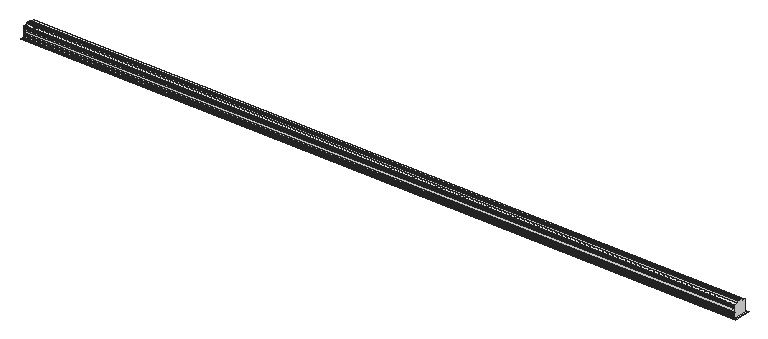
Revit family "STH20992BR_27_40_STH20992PTO_27", category Luminárias, Revit 2023
Family settings
  Hospedeiro = Forro
  Cota do conector redondo = Utilizar diâmetro
  Tipo de parte = Normal
  Número OmniClass = 23.80.70.11
  Título OmniClass = Luminaries for Internal Lighting
  Sempre na vertical = Sim
  Corte com vazios quando carregada = Não
  Fonte luminosa = Não
  Manter orientação da anotação = Não
  Compartilhado = Não
  Ponto de cálculo do ambiente = Não
Parameters (values of type "STH20992BR/27 - BRANCO - 2m - 2700K - 2000lm - 100°")
  Ângulo de Abertura = "100°"
  URL = "https://stella.com.br/"
  Tensão Elétrica = "24V"
  Temperatura da cor (K) = 2700 K
  Referência = "STH20992BR/27 - BRANCO - 2m"
  Potência = 46 W
  Modelo = "Archi"
  Luminoso = Luminoso - 2700K
  Largura = 0.046 m
  IRC (Índice de reprodução de cores) = ">93 (R9 >60)"
  Grau de proteção (IP) = "IP20"
  Fluxo Luminoso STH20992PTO/27 = no
  Fluxo Luminoso STH20992BR/40 = no
  Fluxo Luminoso STH20992BR/27 = yes
  Fluxo Luminoso = 2000 lm
  Fabricante = "Stella"
  Estrutura = Al - Branco
  Elevação padrão = 0.00 m
  Dimerização = "Não dimerizável"
  Comprimento = 2.018 m
  Altura = 0.036 m
Types (4, lengths in m): name | Temperatura da cor (K) | Referência | Potência | Luminoso | Fluxo Luminoso STH20992PTO/27 | Fluxo Luminoso STH20992BR/40 | Fluxo Luminoso STH20992BR/27 | Fluxo Luminoso | Estrutura
  (no name) | 2700 K | "STH20992BR/27 - BRANCO - 2m" | 46 W | Luminoso - 2700K | no | no | yes | 2000 lm | Al - Branco
  STH20992BR/27 - BRANCO - 2m - 2700K - 2000lm - 100° | 2700 K | "STH20992BR/27 - BRANCO - 2m" | 46 W | Luminoso - 2700K | no | no | yes | 2000 lm | Al - Branco
  STH20992BR/40 - BRANCO - 2m - 4000K - 2000lm - 100° | 4000 K | "STH20992BR/40 - BRANCO - 2m" | 46 W | Luminoso - 4000K | no | yes | no | 2000 lm | Al - Branco
  STH20992PTO/27 - PRETO - 2m - 2700K - 1500lm - 90° | 2700 K | "STH20992PTO/27 - PRETO - 2m" | 56 W | Luminoso - 2700K | yes | no | no | 1500 lm | Al - Preto
Reference planes (m)
  plane 1 "Eixo de origem da luz (F/T)": y = 0
  plane 2 "Forro": z = 2.4384
  plane 3 "Eixo de origem da luz (E/D)": x = 0
  plane 4 "Elevação da origem da luz": z = 2.43398
  plane 5: y = 0.023
  plane 6: y = -0.023
  plane 7: x = -1.009
  plane 8: x = 1.009
  plane 9 "Inferior": z = 2.4374
  plane 10 "Superior": z = 2.4734
  plane 11 "Base": z = 2.4384
  plane 12 "Conector": z = 2.4682
Forms (m)
  Extrusion 1, solid, material "Al - Branco" <- "Estrutura"
    sketch origin (0, 0.05, 0) x (0, 1, 0) y (0, 0, 1)
      loop
        line (-0.03305, 2.4384) -> (-0.03305, 2.4706) -> (-0.0434, 2.4706) -> (-0.0434, 2.47425) -> (-0.0566, 2.47425) -> (-0.0566, 2.4706) -> (-0.06695, 2.4706) -> (-0.06695, 2.4384) -> (-0.03305, 2.4384)
    from 1.0025 to 1.004
  Extrusion 2, solid, material "Al - Branco" <- "Estrutura"
    sketch origin (0, 0.05, 0) x (0, 1, 0) y (0, 0, -1)
      loop
        line (-0.03305, -2.4384) -> (-0.06695, -2.4384) -> (-0.06695, -2.4706) -> (-0.0566, -2.4706) -> (-0.0566, -2.47425) -> (-0.0434, -2.47425) -> (-0.0434, -2.4706) -> (-0.03305, -2.4706) -> (-0.03305, -2.4384)
    from 1.0025 to 1.004
  Extrusion 3, solid, material "Al - Branco" <- "Estrutura"
    sketch origin (0, -0.000002, 2.43398) x (0, -1, 0) y (1, 0, 0)
      loop
        line (-0.022652, -1.0096) -> (0.022648, -1.0096) -> (0.022648, 1.0096) -> (-0.022652, 1.0096) -> (-0.022652, -1.0096)
      loop
        line (0.015548, 1.0025) -> (-0.015552, 1.0025) -> (-0.015552, -1.0025) -> (0.015548, -1.0025) -> (0.015548, 1.0025)
    from 0.00342 to 0.00442
  Extrusion 4, void
    sketch origin (0, 0.05, 2.43398) x (0, -1, 0) y (1, 0, 0)
      loop
        line (0.02735, -1.0096) -> (0.07265, -1.0096) -> (0.07265, 1.0096) -> (0.02735, 1.0096) -> (0.02735, -1.0096)
    from 0.00342 to 0.04027
  Extrusion 5, solid, material "Al - Branco" <- "Estrutura"
    sketch origin (0, 0, 0) x (0, 1, 0) y (0, 0, 1)
      loop
        line (-0.01555, 2.4384) -> (-0.01555, 2.446706)
        arc (-0.01555, 2.446706) -> (-0.015385, 2.447105) -> (-0.014985, 2.447271) r 0.000565
        arc (-0.014985, 2.447271) -> (-0.014557, 2.447362) -> (-0.014202, 2.447619) r 0.001053
        arc (-0.014202, 2.447619) -> (-0.014037, 2.448117) -> (-0.014202, 2.448615) r 0.000834
        arc (-0.014202, 2.448615) -> (-0.014536, 2.449093) -> (-0.014687, 2.449655) r 0.001689
        arc (-0.014687, 2.449655) -> (-0.014536, 2.45032) -> (-0.014162, 2.450891) r 0.001917
        arc (-0.014162, 2.450891) -> (-0.01374, 2.451154) -> (-0.013243, 2.451187) r 0.001024
        spline (-0.013243, 2.451187) -> (-0.013173, 2.451182) -> (-0.013105, 2.451221) -> (-0.013044, 2.451304) -> (-0.012994, 2.451422) -> (-0.012961, 2.451568) -> (-0.012945, 2.45173) -> (-0.012949, 2.451895) -> (-0.012971, 2.452053) -> (-0.013011, 2.452189) -> (-0.013065, 2.452295) -> (-0.01313, 2.452362) -> (-0.013199, 2.452384)
        arc (-0.013199, 2.452384) -> (-0.013632, 2.452366) -> (-0.01405, 2.452255) r 0.002001
        arc (-0.01405, 2.452255) -> (-0.014656, 2.452565) -> (-0.0149, 2.4532) r 0.00095
        arc (-0.0149, 2.4532) -> (-0.014441, 2.454013) -> (-0.013507, 2.454041) r 0.00095
        arc (-0.013507, 2.454041) -> (-0.012967, 2.454208) -> (-0.013135, 2.454749) r 0.0004
        arc (-0.013135, 2.454749) -> (-0.013614, 2.454917) -> (-0.014121, 2.454942) r 0.00175
        line (-0.014121, 2.454942) -> (-0.01545, 2.454942) -> (-0.01545, 2.4682) -> (0.01545, 2.4682) -> (0.01545, 2.454942) -> (0.014121, 2.454942)
        arc (0.014121, 2.454942) -> (0.013614, 2.454917) -> (0.013135, 2.454749) r 0.00175
        arc (0.013135, 2.454749) -> (0.012967, 2.454208) -> (0.013507, 2.454041) r 0.0004
        arc (0.013507, 2.454041) -> (0.014441, 2.454013) -> (0.0149, 2.4532) r 0.00095
        arc (0.0149, 2.4532) -> (0.014656, 2.452565) -> (0.01405, 2.452255) r 0.00095
        arc (0.01405, 2.452255) -> (0.013624, 2.452367) -> (0.013184, 2.452383) r 0.002001
        spline (0.013184, 2.452383) -> (0.01312, 2.452355) -> (0.013061, 2.452288) -> (0.013011, 2.452189) -> (0.012973, 2.452062) -> (0.012951, 2.451917) -> (0.012944, 2.451764) -> (0.012954, 2.451611) -> (0.012981, 2.45147) -> (0.013022, 2.451349) -> (0.013074, 2.451256) -> (0.013135, 2.451198) -> (0.013199, 2.451178)
        arc (0.013199, 2.451178) -> (0.013719, 2.451161) -> (0.014162, 2.450891) r 0.001024
        arc (0.014162, 2.450891) -> (0.014536, 2.45032) -> (0.014687, 2.449655) r 0.001917
        arc (0.014687, 2.449655) -> (0.014536, 2.449093) -> (0.014202, 2.448615) r 0.001689
        arc (0.014202, 2.448615) -> (0.014037, 2.448117) -> (0.014202, 2.447619) r 0.000834
        arc (0.014202, 2.447619) -> (0.014557, 2.447362) -> (0.014985, 2.447271) r 0.001053
        arc (0.014985, 2.447271) -> (0.015385, 2.447105) -> (0.01555, 2.446706) r 0.000565
        line (0.01555, 2.446706) -> (0.01555, 2.4384) -> (0.01695, 2.4384) -> (0.01695, 2.4706) -> (0.0066, 2.4706) -> (0.0066, 2.47425) -> (0.003354, 2.47425) -> (0.002601, 2.47355) -> (0.002601, 2.47275) -> (0.00525, 2.47275) -> (0.00525, 2.47045) -> (-0.00525, 2.47045) -> (-0.00525, 2.47275) -> (-0.002601, 2.47275) -> (-0.002601, 2.47355) -> (-0.003354, 2.47425) -> (-0.0066, 2.47425) -> (-0.0066, 2.4706) -> (-0.01695, 2.4706) -> (-0.01695, 2.4384) -> (-0.01555, 2.4384)
    from -1.0025 to 1.0025
  Extrusion 6, void
    sketch origin (0, 0, 0) x (0, 1, 0) y (0, 0, 1)
      loop
        line (-0.01655, 2.440961) -> (-0.01655, 2.444839) -> (-0.017286, 2.445151) -> (-0.017286, 2.440649) -> (-0.01655, 2.440961)
      loop
        line (-0.016188, 2.452162) -> (-0.017286, 2.452456) -> (-0.017286, 2.447971) -> (-0.016188, 2.448265) -> (-0.016188, 2.452162)
      loop
        line (-0.01655, 2.462466) -> (-0.017286, 2.46281) -> (-0.017286, 2.459245) -> (-0.01655, 2.459588) -> (-0.01655, 2.462466)
      loop
        line (-0.01655, 2.465229) -> (-0.01655, 2.468107) -> (-0.017286, 2.468451) -> (-0.017286, 2.464886) -> (-0.01655, 2.465229)
      loop
        line (0.01655, 2.440961) -> (0.017286, 2.440649) -> (0.017286, 2.445151) -> (0.01655, 2.444839) -> (0.01655, 2.440961)
      loop
        line (0.016188, 2.452162) -> (0.016188, 2.448265) -> (0.017286, 2.447971) -> (0.017286, 2.452456) -> (0.016188, 2.452162)
      loop
        line (0.01655, 2.462466) -> (0.01655, 2.459588) -> (0.017286, 2.459245) -> (0.017286, 2.46281) -> (0.01655, 2.462466)
      loop
        line (0.01655, 2.465229) -> (0.017286, 2.464886) -> (0.017286, 2.468451) -> (0.01655, 2.468107) -> (0.01655, 2.465229)
    from -1.004 to 1.004
  Extrusion 7, solid, material "Luminoso - 2700K" <- "Luminoso"
    sketch origin (0, 0, 0) x (0, 1, 0) y (0, 0, 1)
      loop
        line (-0.0139, 2.448213) -> (-0.0139, 2.44713) -> (-0.015129, 2.44713)
        spline (-0.015129, 2.44713) -> (-0.015202, 2.447113) -> (-0.015271, 2.447063) -> (-0.015329, 2.446984) -> (-0.015374, 2.44688) -> (-0.015402, 2.44676) -> (-0.015412, 2.44663) -> (-0.015402, 2.446501) -> (-0.015374, 2.44638) -> (-0.015329, 2.446277) -> (-0.015271, 2.446197) -> (-0.015202, 2.446147) -> (-0.015129, 2.44613)
        line (-0.015129, 2.44613) -> (0.015126, 2.44613)
        spline (0.015126, 2.44613) -> (0.015199, 2.446147) -> (0.015267, 2.446197) -> (0.015326, 2.446277) -> (0.015371, 2.44638) -> (0.015399, 2.446501) -> (0.015408, 2.44663) -> (0.015399, 2.44676) -> (0.015371, 2.44688) -> (0.015326, 2.446984) -> (0.015267, 2.447063) -> (0.015199, 2.447113) -> (0.015126, 2.44713)
        line (0.015126, 2.44713) -> (0.013897, 2.44713) -> (0.013897, 2.448213)
        arc (0.013897, 2.448213) -> (0.014001, 2.448626) -> (0.014288, 2.448942) r 0.000875
        arc (0.014288, 2.448942) -> (0.014472, 2.449304) -> (0.014536, 2.449705) r 0.0013
        arc (0.014536, 2.449705) -> (0.014383, 2.450332) -> (0.013987, 2.450842) r 0.001541
        arc (0.013987, 2.450842) -> (0.013284, 2.450914) -> (0.013212, 2.450211) r 0.0005
        spline (0.013212, 2.450211) -> (0.013394, 2.450011) -> (0.013499, 2.449857) -> (0.01354, 2.449735) -> (0.013533, 2.449633) -> (0.013491, 2.449546) -> (0.013428, 2.449467) -> (0.013353, 2.449391) -> (0.013264, 2.449309) -> (0.013153, 2.44921) -> (0.013022, 2.449089) -> (0.012914, 2.448958) -> (0.012897, 2.448837)
        line (0.012897, 2.448837) -> (0.012897, 2.44713) -> (-0.0129, 2.44713) -> (-0.0129, 2.448837)
        spline (-0.0129, 2.448837) -> (-0.012918, 2.448958) -> (-0.013025, 2.449089) -> (-0.013157, 2.44921) -> (-0.013267, 2.449309) -> (-0.013357, 2.449391) -> (-0.013432, 2.449467) -> (-0.013494, 2.449546) -> (-0.013536, 2.449633) -> (-0.013544, 2.449735) -> (-0.013502, 2.449857) -> (-0.013398, 2.450011) -> (-0.013215, 2.450211)
        arc (-0.013215, 2.450211) -> (-0.013287, 2.450914) -> (-0.013991, 2.450842) r 0.0005
        arc (-0.013991, 2.450842) -> (-0.014387, 2.450332) -> (-0.014539, 2.449705) r 0.001541
        arc (-0.014539, 2.449705) -> (-0.014476, 2.449304) -> (-0.014291, 2.448942) r 0.0013
        arc (-0.014291, 2.448942) -> (-0.014004, 2.448626) -> (-0.0139, 2.448213) r 0.000875
    from -1.0025 to 1.0025
Cuts and joins
  Extrusion 6 cuts Extrusion 1
  Extrusion 6 cuts Extrusion 2
  Extrusion 6 cuts Extrusion 3
  joined: Extrusion 1, Extrusion 2, Extrusion 3
  Extrusion 6 cuts Extrusion 5
Dimensions and locks (m)
  equal spacing: host sketch curve, plane 3 "Eixo de origem da luz (E/D)", host sketch curve
  equal spacing: host sketch curve, plane 1 "Eixo de origem da luz (F/T)", host sketch curve
  host sketch curve to host sketch curve = 2.028 m
  host sketch curve to host sketch curve = 0.056 m
  "Altura": plane 10 "Superior" to plane 9 "Inferior"
  "Comprimento": plane 7 to plane 8
  "Largura": plane 5 to plane 6
  aligned and locked: host ceiling to Extrusion 3
  aligned and locked: Extrusion 3 to plane 9 "Inferior"
  aligned and locked: Extrusion 1 to Extrusion 3
  aligned and locked: Extrusion 3 to Extrusion 2
Automatic sketch dimensions
  Extrusion 5 sketch curve to Extrusion 5 sketch curve = 0.00 m  (x19)
  Extrusion 5 sketch curve to plane 2 "Forro" = 0.00 m  (x2)
  Extrusion 5 sketch curve to plane 10 "Superior" = 0.0028 m  (x2)
  plane 1 "Eixo de origem da luz (F/T)" to Extrusion 5 sketch curve = 0.01695 m
  Extrusion 5 sketch curve to Extrusion 5 sketch curve = 0.0014 m
  Extrusion 5 sketch curve to Extrusion 5 sketch curve = 0.0001 m  (x2)
  Extrusion 5 sketch curve to Extrusion 5 sketch curve = 0.000565 m
  Extrusion 5 sketch curve to Extrusion 5 sketch curve = 0.000114 m  (x2)
  Extrusion 5 sketch curve to Extrusion 5 sketch curve = 0.001329 m
  Extrusion 5 sketch curve to Extrusion 5 sketch curve = 0.000171 m
  Extrusion 5 sketch curve to Extrusion 5 sketch curve = 0.00156 m
  Extrusion 5 sketch curve to Extrusion 5 sketch curve = 0.000094 m  (x2)
  Extrusion 5 sketch curve to Extrusion 5 sketch curve = 0.0008 m  (x2)
  Extrusion 5 sketch curve to Extrusion 5 sketch curve = 0.000421 m
  Extrusion 5 sketch curve to Extrusion 5 sketch curve = 0.000233 m  (x2)
  plane 1 "Eixo de origem da luz (F/T)" to Extrusion 5 sketch curve = 0.0066 m
  Extrusion 5 sketch curve to Extrusion 5 sketch curve = 0.00135 m  (x2)
  plane 10 "Superior" to Extrusion 5 sketch curve = 0.00085 m  (x2)
  Extrusion 5 sketch curve to Extrusion 5 sketch curve = 0.001896 m  (x2)
  plane 10 "Superior" to Extrusion 5 sketch curve = 0.00015 m  (x2)
  Extrusion 5 sketch curve to Extrusion 5 sketch curve = 0.000754 m  (x2)
  Extrusion 5 sketch curve to plane 10 "Superior" = 0.00065 m  (x2)
  Extrusion 5 sketch curve to Extrusion 5 sketch curve = 0.005201 m
  Extrusion 5 sketch curve to plane 5 = 0.010229 m
  Extrusion 5 sketch curve to plane 5 = 0.009679 m
  Extrusion 5 sketch curve to Extrusion 5 sketch curve = 0.000327 m
  Extrusion 5 sketch curve to Extrusion 5 sketch curve = 0.000629 m
  Extrusion 5 sketch curve to plane 5 = 0.008129 m
  Extrusion 5 sketch curve to plane 5 = 0.00755 m
  Extrusion 5 sketch curve to plane 5 = 0.00745 m
  Extrusion 5 sketch curve to plane 5 = 0.00605 m
  plane 2 "Forro" to Extrusion 5 sketch curve = 0.008306 m  (x2)
  Extrusion 5 sketch curve to Extrusion 5 sketch curve = 0.000847 m  (x2)
  Extrusion 5 sketch curve to Extrusion 5 sketch curve = 0.000207 m  (x2)
  Extrusion 5 sketch curve to Extrusion 5 sketch curve = 0.001247 m  (x2)
  Extrusion 5 sketch curve to Extrusion 5 sketch curve = 0.000236 m  (x2)
  Extrusion 5 sketch curve to Extrusion 5 sketch curve = 0.000373 m  (x2)
  Extrusion 5 sketch curve to Extrusion 5 sketch curve = 0.000208 m  (x2)
  Extrusion 5 sketch curve to Extrusion 5 sketch curve = 0.002812 m  (x2)
  Extrusion 5 sketch curve to Extrusion 5 sketch curve = 0.001195 m  (x2)
  Extrusion 5 sketch curve to Extrusion 5 sketch curve = 0.000547 m
  Extrusion 5 sketch curve to Extrusion 5 sketch curve = 0.001742 m
  Extrusion 5 sketch curve to plane 10 "Superior" = 0.0052 m
  Extrusion 5 sketch curve to Extrusion 5 sketch curve = 0.0023 m
  Extrusion 5 sketch curve to Extrusion 5 sketch curve = 0.00095 m
  Extrusion 5 sketch curve to Extrusion 5 sketch curve = 0.000298 m
  Extrusion 5 sketch curve to Extrusion 5 sketch curve = 0.000668 m  (x4)
  Extrusion 5 sketch curve to Extrusion 5 sketch curve = 0.000831 m  (x2)
  Extrusion 5 sketch curve to Extrusion 5 sketch curve = 0.000088 m
  Extrusion 5 sketch curve to Extrusion 5 sketch curve = 0.00085 m  (x2)
  Extrusion 5 sketch curve to Extrusion 5 sketch curve = 0.000766 m
  Extrusion 5 sketch curve to Extrusion 5 sketch curve = 0.000015 m
  Extrusion 5 sketch curve to Extrusion 5 sketch curve = 0.000485 m
  Extrusion 5 sketch curve to Extrusion 5 sketch curve = 0.000602 m
  Extrusion 5 sketch curve to Extrusion 5 sketch curve = 0.000594 m
  plane 1 "Eixo de origem da luz (F/T)" to Extrusion 6 sketch curve = 0.017286 m  (x4)
  plane 1 "Eixo de origem da luz (F/T)" to Extrusion 6 sketch curve = 0.01655 m  (x3)
  plane 1 "Eixo de origem da luz (F/T)" to Extrusion 6 sketch curve = 0.016188 m
  Extrusion 6 sketch curve to plane 5 = 0.006812 m
  plane 2 "Forro" to Extrusion 6 sketch curve = 0.002561 m  (x2)
  Extrusion 6 sketch curve to Extrusion 6 sketch curve = 0.000362 m
  Extrusion 6 sketch curve to plane 5 = 0.00645 m
  Extrusion 6 sketch curve to Extrusion 6 sketch curve = 0.00 m
  Extrusion 6 sketch curve to Extrusion 6 sketch curve = 0.001099 m
  Extrusion 6 sketch curve to Extrusion 6 sketch curve = 0.000736 m  (x3)
  Extrusion 6 sketch curve to plane 10 "Superior" = 0.004949 m
  Extrusion 6 sketch curve to Extrusion 6 sketch curve = 0.000313 m  (x4)
  Extrusion 6 sketch curve to Extrusion 6 sketch curve = 0.003877 m  (x2)
  Extrusion 6 sketch curve to Extrusion 6 sketch curve = 0.00282 m  (x2)
  Extrusion 6 sketch curve to Extrusion 6 sketch curve = 0.000294 m  (x4)
  Extrusion 6 sketch curve to Extrusion 6 sketch curve = 0.003896 m  (x2)
  Extrusion 6 sketch curve to Extrusion 6 sketch curve = 0.006789 m  (x2)
  Extrusion 6 sketch curve to Extrusion 6 sketch curve = 0.000343 m  (x8)
  Extrusion 6 sketch curve to Extrusion 6 sketch curve = 0.002878 m  (x3)
  Extrusion 6 sketch curve to Extrusion 6 sketch curve = 0.002076 m  (x2)
  plane 6 to Extrusion 7 sketch curve = 0.007871 m
  Extrusion 7 sketch curve to Extrusion 7 sketch curve = 0.000354 m  (x2)
  Extrusion 7 sketch curve to Extrusion 7 sketch curve = 0.001229 m
  Extrusion 7 sketch curve to Extrusion 7 sketch curve = 0.000297 m
  Extrusion 7 sketch curve to Extrusion 7 sketch curve = 0.000363 m
  Extrusion 7 sketch curve to Extrusion 7 sketch curve = 0.000388 m  (x3)
  Extrusion 7 sketch curve to Extrusion 7 sketch curve = 0.000241 m  (x2)
  Extrusion 7 sketch curve to Extrusion 7 sketch curve = 0.001 m  (x4)
  Extrusion 7 sketch curve to plane 5 = 0.010103 m
  Extrusion 7 sketch curve to Extrusion 7 sketch curve = 0.000098 m
  Extrusion 7 sketch curve to Extrusion 7 sketch curve = 0.000216 m
  Extrusion 7 sketch curve to Extrusion 7 sketch curve = 0.000875 m
  plane 2 "Forro" to Extrusion 7 sketch curve = 0.00773 m
  Extrusion 7 sketch curve to Extrusion 7 sketch curve = 0.00 m
  Extrusion 7 sketch curve to Extrusion 7 sketch curve = 0.001082 m  (x2)
  Extrusion 7 sketch curve to Extrusion 7 sketch curve = 0.000624 m  (x2)
  Extrusion 7 sketch curve to Extrusion 7 sketch curve = 0.000825 m  (x2)
  Extrusion 7 sketch curve to Extrusion 7 sketch curve = 0.000043 m  (x2)
  Extrusion 7 sketch curve to Extrusion 7 sketch curve = 0.000505 m  (x2)
  Extrusion 7 sketch curve to Extrusion 7 sketch curve = 0.000316 m  (x2)
  Extrusion 7 sketch curve to Extrusion 7 sketch curve = 0.000937 m
  Extrusion 1 sketch curve to plane 2 "Forro" = 0.00 m
  plane 6 to Extrusion 1 sketch curve = 0.00605 m
  Extrusion 1 sketch curve to plane 10 "Superior" = 0.0028 m  (x2)
  plane 1 "Eixo de origem da luz (F/T)" to Extrusion 1 sketch curve = 0.0066 m
  plane 10 "Superior" to Extrusion 1 sketch curve = 0.00085 m
  Extrusion 1 sketch curve to plane 1 "Eixo de origem da luz (F/T)" = 0.0066 m
  Extrusion 1 sketch curve to plane 5 = 0.00605 m
  Extrusion 2 sketch curve to plane 2 "Forro" = 0.00 m
  Extrusion 2 sketch curve to plane 10 "Superior" = 0.0028 m  (x2)
  plane 6 to Extrusion 2 sketch curve = 0.00605 m
  plane 10 "Superior" to Extrusion 2 sketch curve = 0.00085 m
  plane 1 "Eixo de origem da luz (F/T)" to Extrusion 2 sketch curve = 0.0066 m
  Extrusion 2 sketch curve to plane 1 "Eixo de origem da luz (F/T)" = 0.0066 m
  Extrusion 2 sketch curve to plane 5 = 0.00605 m
  Extrusion 3 sketch curve to plane 5 = 0.00035 m
  Extrusion 3 sketch curve to plane 5 = 0.00745 m
  plane 6 to Extrusion 3 sketch curve = 0.00745 m
  plane 6 to Extrusion 3 sketch curve = 0.00035 m
  Extrusion 3 sketch curve to plane 7 = 0.0006 m
  plane 7 to Extrusion 3 sketch curve = 0.0065 m
  Extrusion 3 sketch curve to plane 8 = 0.0065 m
  plane 8 to Extrusion 3 sketch curve = 0.0006 m
  Extrusion 4 sketch curve to plane 5 = 0.00035 m
  plane 6 to Extrusion 4 sketch curve = 0.00035 m
  Extrusion 4 sketch curve to plane 7 = 0.0006 m
  plane 8 to Extrusion 4 sketch curve = 0.0006 m
Nested families (m)
  nested 1: "Fluxo Luminoso_Archi_STH20992_BR_27" at (-0.485841, 0, 2.43398), visible <- "Fluxo Luminoso STH20992BR/27", type "Fluxo Luminoso_Archi_STH20992_BR_27"
  nested 2: "Fluxo Luminoso_Archi_STH20992_BR_27" at (0.485841, 0, 2.43398), visible <- "Fluxo Luminoso STH20992BR/27", type "Fluxo Luminoso_Archi_STH20992_BR_27"
  nested 3: "Fluxo Luminoso_Archi_STH20992_BR_40" at (-0.485841, 0, 2.43398), visible <- "Fluxo Luminoso STH20992BR/40", type "Fluxo Luminoso_Archi_STH20992_BR_40"
  nested 4: "Fluxo Luminoso_Archi_STH20992_BR_40" at (0.485841, 0, 2.43398), visible <- "Fluxo Luminoso STH20992BR/40", type "Fluxo Luminoso_Archi_STH20992_BR_40"
  nested 5: "Fluxo Luminoso_Archi_STH20992_PTO_27" at (-0.485841, 0, 2.43398), visible <- "Fluxo Luminoso STH20992PTO/27", type "Fluxo Luminoso_Archi_STH20992_PTO_27"
  nested 6: "Fluxo Luminoso_Archi_STH20992_PTO_27" at (0.485841, 0, 2.43398), visible <- "Fluxo Luminoso STH20992PTO/27", type "Fluxo Luminoso_Archi_STH20992_PTO_27"
Connectors (m)
  electrical at (0, 0, 2.4682)
    settings: index 1, voltage 0 V, apparent load 0 VA, apparent load phase1 0 VA, apparent load phase2 0 VA, apparent load phase3 0 VA, power factor 1, load classification "Outro", number of poles 1, system type 14, power factor state 1, is connector primary yes, connector utility no, sub classification motor no, connector description ""
Definition of nested family "Fluxo Luminoso_Archi_STH20992_BR_27"
  Parameters (values of type "Fluxo Luminoso_Archi_STH20992_BR_27")
    Wattage = 6.7321 W
    built-in parameter 1150110 = 1 (stored number, unit not read)
    built-in parameter 1114217 = 1 (stored number, unit not read)
    built-in parameter 1150109 = 1 (stored number, unit not read)
    Default Elevation = 0.00 m
    built-in parameter 1150134 = (empty or 0)
    built-in parameter 1150113 = 1 (stored number, unit not read)
    Lumens = 1000 lm
    Tilt Angle = 90.00°
    built-in parameter 1150115 = 1 (stored number, unit not read)
    built-in parameter 1150105 = 472.69 (stored number, unit not read)
    built-in parameter 1150137 = (empty or 0)
    built-in parameter 1150139 = (empty or 0)
    built-in parameter 1150112 = 1 (stored number, unit not read)
    built-in parameter 1150114 = 1 (stored number, unit not read)
    built-in parameter 1150132 = 2
    built-in parameter 1150102 = (empty or 0)
    built-in parameter 1150138 = (empty or 0)
    built-in parameter 1150107 = 2700 (stored number, unit not read)
    built-in parameter 1150106 = 4.7269 (stored number, unit not read)
    built-in parameter 1150104 = 13.8 (stored number, unit not read)
    Dimming Lamp Color Temperature Shift = (empty or 0)
    Color Filter = 16777215
    built-in parameter 1114218 = 1 (stored number, unit not read)
    Photometric Web File = "STELLA - STH20991BR-27 - PERFIL DE EMBUTIR RECUADO - ARCHI.ies"
    built-in parameter 1150133 = 10 (stored number, unit not read)
  Reference planes (m)
    plane 1 "Plano de inclinação (F/T)": y = 0
    plane 2: z = 0
    plane 3 "Eixo de origem da luz (E/D)": x = 0
    plane 4 "Elevação da origem da luz": z = 1.3716
  Text (m)
    text "Ângulo de inclinação de 0 graus" at (0.809978, -4.572, 1.586413), in view "Parte frontal"
    text "90" at (-0.194597, -4.572, 2.488248), in view "Parte frontal"
    text "180" at (-1.13068, -4.572, 1.586413), in view "Parte frontal"
    text "270" at (-0.320169, -4.572, 0.456265), in view "Parte frontal"
    text "Ângulo de inclinação de 0 graus" at (1.952354, 4.572, 1.54298), in view "Parte posterior"
    text "180" at (-0.876627, 4.572, 1.524796), in view "Parte posterior"
    text "90" at (0.296375, 4.572, 2.698908), in view "Parte posterior"
    text "270" at (0.421947, 4.572, 0.666926), in view "Parte posterior"
  Dimensions and locks (m)
    aligned and locked: level to plane 2
Definition of nested family "Fluxo Luminoso_Archi_STH20992_BR_40"
  Parameters (values of type "Fluxo Luminoso_Archi_STH20992_BR_40")
    Wattage = 6.7321 W
    built-in parameter 1150110 = 1 (stored number, unit not read)
    built-in parameter 1114217 = 1 (stored number, unit not read)
    built-in parameter 1150109 = 1 (stored number, unit not read)
    Default Elevation = 0.00 m
    built-in parameter 1150134 = 12
    built-in parameter 1150113 = 1 (stored number, unit not read)
    Lumens = 1000 lm
    Tilt Angle = 90.00°
    built-in parameter 1150115 = 1 (stored number, unit not read)
    built-in parameter 1150105 = 424.55 (stored number, unit not read)
    built-in parameter 1150137 = (empty or 0)
    built-in parameter 1150139 = (empty or 0)
    built-in parameter 1150112 = 1 (stored number, unit not read)
    built-in parameter 1150114 = 1 (stored number, unit not read)
    built-in parameter 1150132 = 2
    built-in parameter 1150102 = (empty or 0)
    built-in parameter 1150138 = (empty or 0)
    built-in parameter 1150107 = 4000 (stored number, unit not read)
    built-in parameter 1150106 = 4.2455 (stored number, unit not read)
    built-in parameter 1150104 = 13.8 (stored number, unit not read)
    Dimming Lamp Color Temperature Shift = (empty or 0)
    Color Filter = 16777215
    built-in parameter 1114218 = 1 (stored number, unit not read)
    Photometric Web File = "STELLA - STH20991BR-40 - PERFIL DE EMBUTIR RECUADO - ARCHI.ies"
    built-in parameter 1150133 = 10 (stored number, unit not read)
  Reference planes (m)
    plane 1 "Plano de inclinação (F/T)": y = 0
    plane 2: z = 0
    plane 3 "Eixo de origem da luz (E/D)": x = 0
    plane 4 "Elevação da origem da luz": z = 1.3716
  Text (m)
    text "Ângulo de inclinação de 0 graus" at (0.809978, -4.572, 1.586413), in view "Parte frontal"
    text "90" at (-0.194597, -4.572, 2.488248), in view "Parte frontal"
    text "180" at (-1.13068, -4.572, 1.586413), in view "Parte frontal"
    text "270" at (-0.320169, -4.572, 0.456265), in view "Parte frontal"
    text "Ângulo de inclinação de 0 graus" at (1.952354, 4.572, 1.54298), in view "Parte posterior"
    text "180" at (-0.876627, 4.572, 1.524796), in view "Parte posterior"
    text "90" at (0.296375, 4.572, 2.698908), in view "Parte posterior"
    text "270" at (0.421947, 4.572, 0.666926), in view "Parte posterior"
  Dimensions and locks (m)
    aligned and locked: level to plane 2
Definition of nested family "Fluxo Luminoso_Archi_STH20992_PTO_27"
  Parameters (values of type "Fluxo Luminoso_Archi_STH20992_PTO_27")
    Wattage = 5.04908 W
    built-in parameter 1150110 = 1 (stored number, unit not read)
    built-in parameter 1114217 = 1 (stored number, unit not read)
    built-in parameter 1150109 = 1 (stored number, unit not read)
    Default Elevation = 0.00 m
    built-in parameter 1150134 = (empty or 0)
    built-in parameter 1150113 = 1 (stored number, unit not read)
    Lumens = 750 lm
    Tilt Angle = 90.00°
    built-in parameter 1150115 = 1 (stored number, unit not read)
    built-in parameter 1150105 = 347.65 (stored number, unit not read)
    built-in parameter 1150137 = (empty or 0)
    built-in parameter 1150139 = (empty or 0)
    built-in parameter 1150112 = 1 (stored number, unit not read)
    built-in parameter 1150114 = 1 (stored number, unit not read)
    built-in parameter 1150132 = 2
    built-in parameter 1150102 = (empty or 0)
    built-in parameter 1150138 = (empty or 0)
    built-in parameter 1150107 = 2700 (stored number, unit not read)
    built-in parameter 1150106 = 3.4765 (stored number, unit not read)
    built-in parameter 1150104 = 13.8 (stored number, unit not read)
    Dimming Lamp Color Temperature Shift = (empty or 0)
    Color Filter = 16777215
    built-in parameter 1114218 = 1 (stored number, unit not read)
    Photometric Web File = "STELLA - STH20991PTO-27 - ARCHI - PERFIL DE EMBUTIR RECUADO 24V .ies"
    built-in parameter 1150133 = 10 (stored number, unit not read)
  Reference planes (m)
    plane 1 "Plano de inclinação (F/T)": y = 0
    plane 2: z = 0
    plane 3 "Eixo de origem da luz (E/D)": x = 0
    plane 4 "Elevação da origem da luz": z = 1.3716
  Text (m)
    text "Ângulo de inclinação de 0 graus" at (0.809978, -4.572, 1.586413), in view "Parte frontal"
    text "90" at (-0.194597, -4.572, 2.488248), in view "Parte frontal"
    text "180" at (-1.13068, -4.572, 1.586413), in view "Parte frontal"
    text "270" at (-0.320169, -4.572, 0.456265), in view "Parte frontal"
    text "Ângulo de inclinação de 0 graus" at (1.952354, 4.572, 1.54298), in view "Parte posterior"
    text "180" at (-0.876627, 4.572, 1.524796), in view "Parte posterior"
    text "90" at (0.296375, 4.572, 2.698908), in view "Parte posterior"
    text "270" at (0.421947, 4.572, 0.666926), in view "Parte posterior"
  Dimensions and locks (m)
    aligned and locked: level to plane 2
